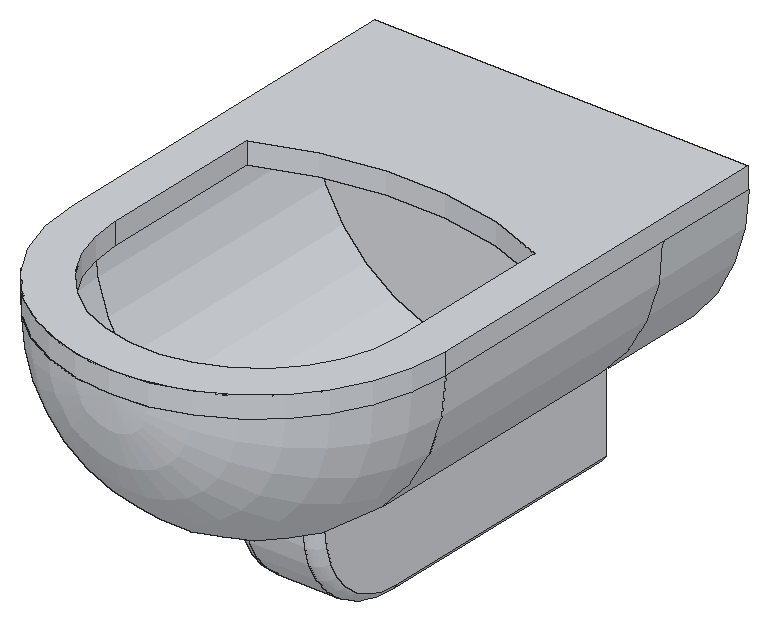
Revit family
Parameters (values of type "530 x 350mm")
  Material = none
  Manufacturer = "Revit"
  Assembly Code = "D2010110"
Reference planes
  plane 1 "Center (Front/Back)": y = 0
  plane 2: z = 0
  plane 3 "Center (Left/Right)": x = 0
  plane 4: y = -244.9
Forms (mm)
  Extrusion 1, solid, material <- "Material"
    sketch origin (0, 0, 307.334) x (1, 0, 0) y (0, 1, 0)
      loop
        line (-175, 0) -> (-175, -355)
        arc (-175, -355) -> (0, -530) -> (175, -355) r 175
        line (175, -355) -> (175, 0) -> (-175, 0)
      loop
        arc (135, -200) -> (0, -170.177) -> (-135, -200) r 320.46
        line (-135, -200) -> (-135, -355)
        arc (-135, -355) -> (0, -490) -> (135, -355) r 135
        line (135, -355) -> (135, -200)
    from -20 to 0
  Blend 2, solid, material <- "Material"
    base sketch origin (0, -124.9, 287.334) x (0, 0, -1) y (-1, 0, 0)
      loop
        line (0, 175) -> (0, -175)
        arc (0, -175) -> (175, 0) -> (0, 175) r 175
    top sketch origin (0, -124.9, 287.334) x (0, 0, -1) y (-1, 0, 0)
      loop
        line (0, 174.95) -> (0, -175.05)
        arc (0, -175.05) -> (175, -0.05) -> (0, 174.95) r 175
    from 24.9 to 124.9
  Extrusion 3, solid, material <- "Material"
    sketch origin (0, 0, 307.334) x (0, 1, 0) y (0, 0, 1)
      loop
        line (0, -179.507) -> (-337.566, -179.507) -> (-337.566, -207.334)
        arc (-337.566, -207.334) -> (-310.425, -272.859) -> (-244.9, -300) r 92.666
        line (-244.9, -300) -> (0, -300) -> (0, -179.507)
    from -41.163 to 41.173
  Sweep 4, void
    path origin (41.173, 0, 149.324) x (0, 0, 1) y (0, -1, 0)
      loop
        line (-14.324, 337.566) -> (-49.324, 337.566)
        arc (-49.324, 337.566) -> (-114.849, 310.425) -> (-141.99, 244.9) r 92.666
        line (-141.99, 244.9) -> (-141.99, 0)
    profile origin (0, -122.45, 0) x (0, 0, 1) y (1, 0, 0)
      loop
        line (26.442, 42.532) -> (26.442, 53.837) -> (-3.558, 53.837) -> (-3.558, -51.163) -> (26.442, -51.163) -> (26.442, -43.084) -> (22.334, -43.084)
        arc (22.334, -43.084) -> (11.727, -38.69) -> (7.334, -28.084) r 15
        line (7.334, -28.084) -> (7.334, 27.532)
        arc (7.334, 27.532) -> (11.727, 38.139) -> (22.334, 42.532) r 15
        line (22.334, 42.532) -> (26.442, 42.532)
  Revolve 5, solid, material <- "Material"
    sketch origin (0, 0, 287.334) x (1, 0, 0) y (0, 1, 0)
      loop
        line (-175, -100) -> (-175, -355)
        arc (-175, -355) -> (-123.744, -478.744) -> (0, -530) r 175
        line (0, -530) -> (0, -510)
        arc (0, -510) -> (-109.602, -464.602) -> (-155, -355) r 155
        line (-155, -355) -> (-155, -100) -> (-175, -100)
      axis (0, -530) -> (0, -100)
    angle from 0 to 180
Cuts and joins
  Sweep 4 cuts Extrusion 1
  Sweep 4 cuts Blend 2
  Sweep 4 cuts Extrusion 3
Lines and regions (mm)
  symbolic lines
    curve 1: line (175.05, 0, 0) -> (-174.95, 0, 0)
    curve 2: line (-174.95, 0, 0) -> (-174.95, -355, 0)
    curve 3: arc (-174.95, -355, 0) -> (0.05, -530, 0) -> (175.05, -355, 0) r 175
    curve 4: line (175.05, -355, 0) -> (175.05, 0, 0)
    curve 9: arc (135.05, -200, 0) -> (0.05, -170.177, 0) -> (-134.95, -200, 0) r 320.46
    curve 10: line (-134.95, -200, 0) -> (-134.95, -355, 0)
    curve 11: arc (-134.95, -355, 0) -> (0.05, -490, 0) -> (135.05, -355, 0) r 135
    curve 12: line (135.05, -355, 0) -> (135.05, -200, 0)
  symbolic lines, detail levels medium+fine
    curve 5: arc (-94.95, -125, 0) -> (-84.95, -135, 0) -> (-74.95, -125, 0) r 10
    curve 6: arc (-74.95, -125, 0) -> (-84.95, -115, 0) -> (-94.95, -125, 0) r 10
    curve 7: arc (75.05, -125, 0) -> (85.05, -135, 0) -> (95.05, -125, 0) r 10
    curve 8: arc (95.05, -125, 0) -> (85.05, -115, 0) -> (75.05, -125, 0) r 10
    curve 13: arc (45.05, -254.425, 0) -> (0.05, -239.703, 0) -> (-44.95, -254.425, 0) r 76.135
    curve 14: line (-44.95, -254.425, 0) -> (-44.95, -295.177, 0)
    curve 15: arc (-44.95, -295.177, 0) -> (0.05, -340.177, 0) -> (45.05, -295.177, 0) r 45
    curve 16: line (45.05, -295.177, 0) -> (45.05, -254.425, 0)
